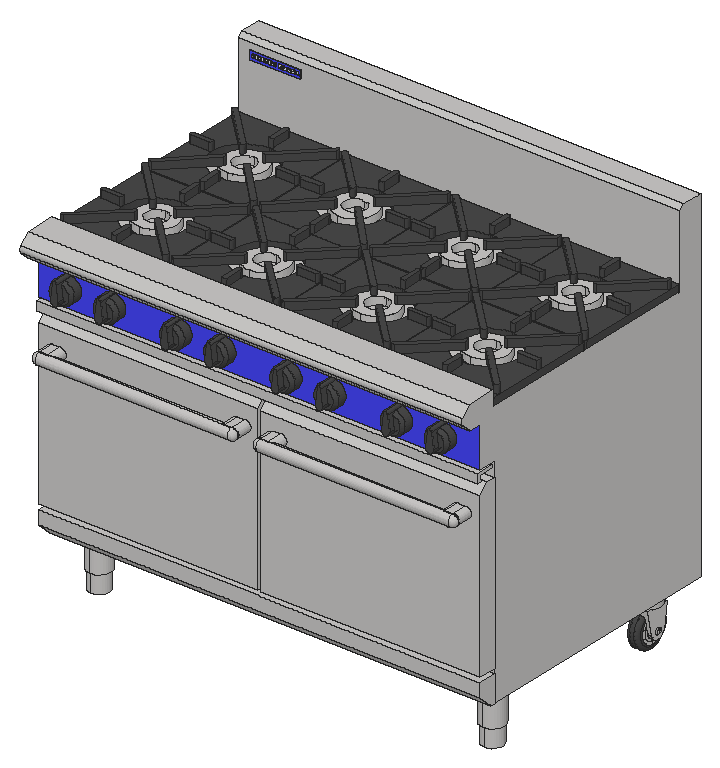
Revit family "QF_MOFFAT_BLUESEAL_CE_G528D", category Specialty Equipment, Revit 2012 (continued)
Definition of nested family "GAS BURNER 1200"
  Lines and regions (mm)
    symbolic lines
      curve 388: spline (1043.6, -261.898, 0) -> (1043.818, -260.604, 0) -> (1044.457, -259.398, 0) -> (1045.475, -258.362, 0) -> (1046.8, -257.568, 0) -> (1048.344, -257.068, 0) -> (1050, -256.898, 0) -> (1051.656, -257.068, 0) -> (1053.2, -257.568, 0) -> (1054.525, -258.362, 0) -> (1055.543, -259.398, 0) -> (1056.182, -260.604, 0) -> (1056.4, -261.898, 0)
      curve 389: line (1056.4, -261.898, 0) -> (1056.4, -311.102, 0)
      curve 390: spline (1056.4, -311.102, 0) -> (1056.182, -312.396, 0) -> (1055.543, -313.602, 0) -> (1054.525, -314.638, 0) -> (1053.2, -315.432, 0) -> (1051.656, -315.932, 0) -> (1050, -316.102, 0) -> (1048.344, -315.932, 0) -> (1046.8, -315.432, 0) -> (1045.475, -314.638, 0) -> (1044.457, -313.602, 0) -> (1043.818, -312.396, 0) -> (1043.6, -311.102, 0)
      curve 391: line (1043.6, -378.102, 0) -> (1043.6, -328.898, 0)
      curve 392: spline (1043.6, -328.898, 0) -> (1043.818, -327.604, 0) -> (1044.457, -326.398, 0) -> (1045.475, -325.362, 0) -> (1046.8, -324.568, 0) -> (1048.344, -324.068, 0) -> (1050, -323.898, 0) -> (1051.656, -324.068, 0) -> (1053.2, -324.568, 0) -> (1054.525, -325.362, 0) -> (1055.543, -326.398, 0) -> (1056.182, -327.604, 0) -> (1056.4, -328.898, 0)
      curve 393: line (1056.4, -328.898, 0) -> (1056.4, -378.102, 0)
      curve 394: spline (1056.4, -378.102, 0) -> (1056.182, -379.396, 0) -> (1055.543, -380.602, 0) -> (1054.525, -381.638, 0) -> (1053.2, -382.432, 0) -> (1051.656, -382.932, 0) -> (1050, -383.102, 0) -> (1048.344, -382.932, 0) -> (1046.8, -382.432, 0) -> (1045.475, -381.638, 0) -> (1044.457, -380.602, 0) -> (1043.818, -379.396, 0) -> (1043.6, -378.102, 0)
      curve 395: line (915.153, -326.102, 0) -> (1023.076, -434.025, 0)
      curve 396: spline (1023.076, -434.025, 0) -> (1023.837, -435.095, 0) -> (1024.238, -436.399, 0) -> (1024.251, -437.851, 0) -> (1023.875, -439.35, 0) -> (1023.137, -440.795, 0) -> (1022.086, -442.086, 0) -> (1020.795, -443.137, 0) -> (1019.35, -443.875, 0) -> (1017.851, -444.251, 0) -> (1016.399, -444.238, 0) -> (1015.095, -443.837, 0) -> (1014.025, -443.076, 0)
      curve 397: line (1014.025, -443.076, 0) -> (906.102, -335.153, 0)
      curve 398: spline (906.102, -335.153, 0) -> (905.341, -334.084, 0) -> (904.941, -332.779, 0) -> (904.928, -331.328, 0) -> (905.303, -329.829, 0) -> (906.041, -328.384, 0) -> (907.092, -327.092, 0) -> (908.384, -326.041, 0) -> (909.829, -325.303, 0) -> (911.328, -324.928, 0) -> (912.779, -324.941, 0) -> (914.084, -325.341, 0) -> (915.153, -326.102, 0)
      curve 399: line (1076.924, -434.025, 0) -> (1184.847, -326.102, 0)
      curve 400: spline (1184.847, -326.102, 0) -> (1186.076, -325.181, 0) -> (1187.53, -324.631, 0) -> (1189.11, -324.49, 0) -> (1190.708, -324.767, 0) -> (1192.214, -325.443, 0) -> (1193.527, -326.473, 0) -> (1194.557, -327.786, 0) -> (1195.233, -329.292, 0) -> (1195.51, -330.89, 0) -> (1195.369, -332.47, 0) -> (1194.819, -333.924, 0) -> (1193.898, -335.153, 0)
      curve 401: line (1193.898, -335.153, 0) -> (1085.975, -443.076, 0)
      curve 402: spline (1085.975, -443.076, 0) -> (1084.905, -443.837, 0) -> (1083.601, -444.238, 0) -> (1082.149, -444.251, 0) -> (1080.65, -443.875, 0) -> (1079.205, -443.137, 0) -> (1077.914, -442.086, 0) -> (1076.863, -440.795, 0) -> (1076.125, -439.35, 0) -> (1075.749, -437.851, 0) -> (1075.762, -436.399, 0) -> (1076.163, -435.095, 0) -> (1076.924, -434.025, 0)
      curve 403: line (1141.898, -463.6, 0) -> (1191.102, -463.6, 0)
      curve 404: spline (1191.102, -463.6, 0) -> (1192.396, -463.818, 0) -> (1193.602, -464.457, 0) -> (1194.638, -465.475, 0) -> (1195.432, -466.8, 0) -> (1195.932, -468.344, 0) -> (1196.102, -470, 0) -> (1195.932, -471.656, 0) -> (1195.432, -473.2, 0) -> (1194.638, -474.525, 0) -> (1193.602, -475.543, 0) -> (1192.396, -476.182, 0) -> (1191.102, -476.4, 0)
      curve 405: line (1191.102, -476.4, 0) -> (1141.898, -476.4, 0)
      curve 406: spline (1141.898, -476.4, 0) -> (1140.604, -476.182, 0) -> (1139.398, -475.543, 0) -> (1138.362, -474.525, 0) -> (1137.568, -473.2, 0) -> (1137.068, -471.656, 0) -> (1136.898, -470, 0) -> (1137.068, -468.344, 0) -> (1137.568, -466.8, 0) -> (1138.362, -465.475, 0) -> (1139.398, -464.457, 0) -> (1140.604, -463.818, 0) -> (1141.898, -463.6, 0)
      curve 407: line (1085.975, -496.924, 0) -> (1193.898, -603.347, 0)
      curve 408: spline (1193.898, -603.347, 0) -> (1194.659, -604.416, 0) -> (1195.059, -605.721, 0) -> (1195.072, -607.172, 0) -> (1194.697, -608.671, 0) -> (1193.959, -610.116, 0) -> (1192.908, -611.408, 0) -> (1191.616, -612.459, 0) -> (1190.171, -613.197, 0) -> (1188.672, -613.572, 0) -> (1187.221, -613.559, 0) -> (1185.916, -613.159, 0) -> (1184.847, -612.398, 0)
      curve 409: line (1184.847, -612.398, 0) -> (1076.924, -505.975, 0)
      curve 410: spline (1076.924, -505.975, 0) -> (1076.163, -504.905, 0) -> (1075.762, -503.601, 0) -> (1075.749, -502.149, 0) -> (1076.125, -500.65, 0) -> (1076.863, -499.205, 0) -> (1077.914, -497.914, 0) -> (1079.205, -496.863, 0) -> (1080.65, -496.125, 0) -> (1082.149, -495.749, 0) -> (1083.601, -495.762, 0) -> (1084.905, -496.163, 0) -> (1085.975, -496.924, 0)
      curve 411: line (1043.6, -609.602, 0) -> (1043.6, -561.898, 0)
      curve 412: spline (1043.6, -561.898, 0) -> (1043.818, -560.604, 0) -> (1044.457, -559.398, 0) -> (1045.475, -558.362, 0) -> (1046.8, -557.568, 0) -> (1048.344, -557.068, 0) -> (1050, -556.898, 0) -> (1051.656, -557.068, 0) -> (1053.2, -557.568, 0) -> (1054.525, -558.362, 0) -> (1055.543, -559.398, 0) -> (1056.182, -560.604, 0) -> (1056.4, -561.898, 0)
      curve 413: line (1056.4, -561.898, 0) -> (1056.4, -609.602, 0)
      curve 414: spline (1056.4, -609.602, 0) -> (1056.182, -610.896, 0) -> (1055.543, -612.102, 0) -> (1054.525, -613.138, 0) -> (1053.2, -613.932, 0) -> (1051.656, -614.432, 0) -> (1050, -614.602, 0) -> (1048.344, -614.432, 0) -> (1046.8, -613.932, 0) -> (1045.475, -613.138, 0) -> (1044.457, -612.102, 0) -> (1043.818, -610.896, 0) -> (1043.6, -609.602, 0)
      curve 415: line (1023.076, -505.975, 0) -> (915.153, -612.398, 0)
      curve 416: spline (915.153, -612.398, 0) -> (914.084, -613.159, 0) -> (912.779, -613.559, 0) -> (911.328, -613.572, 0) -> (909.829, -613.197, 0) -> (908.384, -612.459, 0) -> (907.092, -611.408, 0) -> (906.041, -610.116, 0) -> (905.303, -608.671, 0) -> (904.928, -607.172, 0) -> (904.941, -605.721, 0) -> (905.341, -604.416, 0) -> (906.102, -603.347, 0)
      curve 417: line (906.102, -603.347, 0) -> (1014.025, -496.924, 0)
      curve 418: spline (1014.025, -496.924, 0) -> (1015.095, -496.163, 0) -> (1016.399, -495.762, 0) -> (1017.851, -495.749, 0) -> (1019.35, -496.125, 0) -> (1020.795, -496.863, 0) -> (1022.086, -497.914, 0) -> (1023.137, -499.205, 0) -> (1023.875, -500.65, 0) -> (1024.251, -502.149, 0) -> (1024.238, -503.601, 0) -> (1023.837, -504.905, 0) -> (1023.076, -505.975, 0)
      curve 419: arc (1050.009, -384.418, 0) -> (1020.313, -389.836, 0) -> (994.444, -405.393, 0) r 84.082
      curve 420: arc (1050.009, -552.582, 0) -> (1078.827, -547.489, 0) -> (1104.155, -532.827, 0) r 84.082
      curve 421: arc (1050, -523.5, 0) -> (1032.334, -520.693, 0) -> (1016.408, -512.55, 0) r 57
      curve 422: arc (1050, -409.5, 0) -> (1069.986, -413.119, 0) -> (1087.434, -423.515, 0) r 57
      curve 423: arc (1050, -436.5, 0) -> (1020, -466.5, 0) -> (1050, -496.5, 0) r 30
      curve 424: arc (1050, -496.5, 0) -> (1080, -466.5, 0) -> (1050, -436.5, 0) r 30
      curve 425: line (908.898, -463.6, 0) -> (958.102, -463.6, 0)
      curve 426: spline (958.102, -463.6, 0) -> (959.396, -463.818, 0) -> (960.602, -464.457, 0) -> (961.638, -465.475, 0) -> (962.432, -466.8, 0) -> (962.932, -468.344, 0) -> (963.102, -470, 0) -> (962.932, -471.656, 0) -> (962.432, -473.2, 0) -> (961.638, -474.525, 0) -> (960.602, -475.543, 0) -> (959.396, -476.182, 0) -> (958.102, -476.4, 0)
      curve 427: line (958.102, -476.4, 0) -> (908.898, -476.4, 0)
      curve 428: spline (908.898, -476.4, 0) -> (907.604, -476.182, 0) -> (906.398, -475.543, 0) -> (905.362, -474.525, 0) -> (904.568, -473.2, 0) -> (904.068, -471.656, 0) -> (903.898, -470, 0) -> (904.068, -468.344, 0) -> (904.568, -466.8, 0) -> (905.362, -465.475, 0) -> (906.398, -464.457, 0) -> (907.604, -463.818, 0) -> (908.898, -463.6, 0)
      curve 429: spline (891.102, -463.6, 0) -> (892.396, -463.818, 0) -> (893.602, -464.457, 0) -> (894.638, -465.475, 0) -> (895.432, -466.8, 0) -> (895.932, -468.344, 0) -> (896.102, -470, 0) -> (895.932, -471.656, 0) -> (895.432, -473.2, 0) -> (894.638, -474.525, 0) -> (893.602, -475.543, 0) -> (892.396, -476.182, 0) -> (891.102, -476.4, 0)
      curve 430: arc (1103.676, -103.773, 0) -> (1078.534, -89.404, 0) -> (1050.009, -84.418, 0) r 84.082
      curve 431: arc (987.129, -112.68, 0) -> (965.934, -167.408, 0) -> (985.7, -222.668, 0) r 84.082
      curve 432: arc (1005.546, -202.178, 0) -> (993, -166.598, 0) -> (1005.424, -130.975, 0) r 57
      curve 433: arc (1085.372, -211.197, 0) -> (1068.725, -220.336, 0) -> (1050, -223.5, 0) r 57
      curve 434: arc (1094.576, -130.975, 0) -> (1107, -166.598, 0) -> (1094.454, -202.178, 0) r 57
      curve 435: arc (1012.566, -423.515, 0) -> (1030.014, -413.119, 0) -> (1050, -409.5, 0) r 57
      curve 436: arc (1096.089, -432.962, 0) -> (1106.947, -468.956, 0) -> (1093.031, -503.881, 0) r 57
      curve 437: arc (1090.268, -506.842, 0) -> (1089.386, -507.704, 0) -> (1088.484, -508.547, 0) r 57
      curve 438: arc (1006.969, -503.881, 0) -> (993.053, -468.956, 0) -> (1003.911, -432.962, 0) r 57
      curve 439: arc (985.509, -414.56, 0) -> (965.932, -469.429, 0) -> (986.717, -523.853, 0) r 84.082
      curve 440: arc (1105.564, -405.385, 0) -> (1079.699, -389.834, 0) -> (1050.009, -384.418, 0) r 84.082
      curve 441: arc (1113.293, -523.862, 0) -> (1134.086, -469.429, 0) -> (1114.501, -414.55, 0) r 84.082
      curve 442: arc (1083.592, -512.55, 0) -> (1067.666, -520.693, 0) -> (1050, -523.5, 0) r 57
      curve 443: arc (995.853, -532.819, 0) -> (1021.184, -547.487, 0) -> (1050.009, -552.582, 0) r 84.082
      curve 444: arc (1014.475, -121.924, 0) -> (1031.183, -112.696, 0) -> (1050, -109.5, 0) r 57
      curve 445: arc (994.669, -231.803, 0) -> (1020.453, -247.216, 0) -> (1050.009, -252.582, 0) r 84.082
      curve 446: arc (1114.31, -222.678, 0) -> (1134.084, -167.408, 0) -> (1112.881, -112.67, 0) r 84.082
  Dimensions and locks
    equal spacing: plane 3 "LEFT", plane 7 "Center Y", plane 4 "RIGHT"
    "Width": plane 3 "LEFT" to plane 4 "RIGHT"
    equal spacing: plane 5 "FRONT", plane 8 "Center X", plane 1 "BACK"
    "Depth": plane 5 "FRONT" to plane 1 "BACK"
    aligned and locked: level to plane 2
  Automatic sketch dimensions
    curve 29 to curve 30 = 0 mm  (x2)
    curve 29 to curve 33 = 0 mm  (x2)
    curve 29 to curve 34 = 0 mm  (x2)
    curve 29 to curve 189 = 0 mm  (x2)
    curve 29 to curve 190 = 0 mm  (x2)
    curve 29 to curve 191 = 0 mm  (x2)
    curve 29 to curve 192 = 0 mm  (x2)
    curve 30 to curve 33 = 0 mm  (x2)
    curve 30 to curve 34 = 0 mm  (x2)
    curve 30 to curve 189 = 0 mm  (x2)
    curve 30 to curve 190 = 0 mm  (x2)
    curve 30 to curve 191 = 0 mm  (x2)
    curve 30 to curve 192 = 0 mm  (x2)
    curve 31 to curve 32 = 0 mm  (x2)
    curve 31 to curve 212 = 0 mm  (x2)
    curve 31 to curve 213 = 0 mm  (x2)
    curve 31 to curve 214 = 0 mm  (x2)
    curve 31 to curve 215 = 0 mm  (x2)
    curve 32 to curve 212 = 0 mm  (x2)
    curve 32 to curve 213 = 0 mm  (x2)
    curve 32 to curve 214 = 0 mm  (x2)
    curve 32 to curve 215 = 0 mm  (x2)
    curve 33 to curve 34 = 0 mm  (x2)
    curve 33 to curve 189 = 0 mm  (x2)
    curve 33 to curve 190 = 0 mm  (x2)
    curve 33 to curve 191 = 0 mm  (x2)
    curve 33 to curve 192 = 0 mm  (x2)
    curve 34 to curve 189 = 0 mm  (x2)
    curve 34 to curve 190 = 0 mm  (x2)
    curve 34 to curve 191 = 0 mm  (x2)
    curve 34 to curve 192 = 0 mm  (x2)
    curve 35 to curve 36 = 0 mm  (x2)
    curve 35 to curve 103 = 0 mm  (x2)
    curve 35 to curve 104 = 0 mm  (x2)
    curve 35 to curve 187 = 0 mm  (x2)
    curve 35 to curve 188 = 0 mm  (x2)
    curve 35 to curve 193 = 0 mm  (x2)
    curve 35 to curve 211 = 0 mm  (x2)
    curve 36 to curve 103 = 0 mm  (x2)
    curve 36 to curve 104 = 0 mm  (x2)
    curve 36 to curve 187 = 0 mm  (x2)
    curve 36 to curve 188 = 0 mm  (x2)
    curve 36 to curve 193 = 0 mm  (x2)
    curve 36 to curve 211 = 0 mm  (x2)
    curve 37 to curve 38 = 0 mm  (x2)
    curve 37 to curve 185 = 0 mm  (x2)
    curve 37 to curve 186 = 0 mm  (x2)
    curve 37 to curve 216 = 0 mm  (x2)
    curve 37 to curve 217 = 0 mm  (x2)
    curve 38 to curve 185 = 0 mm  (x2)
    curve 38 to curve 186 = 0 mm  (x2)
    curve 38 to curve 216 = 0 mm  (x2)
    curve 38 to curve 217 = 0 mm  (x2)
    curve 103 to curve 104 = 0 mm  (x2)
    curve 103 to curve 187 = 0 mm  (x2)
    curve 103 to curve 188 = 0 mm  (x2)
    curve 103 to curve 193 = 0 mm  (x2)
    curve 103 to curve 211 = 0 mm  (x2)
    curve 104 to curve 187 = 0 mm  (x2)
    curve 104 to curve 188 = 0 mm  (x2)
    curve 104 to curve 193 = 0 mm  (x2)
    curve 104 to curve 211 = 0 mm  (x2)
    curve 137 to curve 138 = 0 mm  (x2)
    curve 137 to curve 204 = 0 mm  (x2)
    curve 137 to curve 205 = 0 mm  (x2)
    curve 137 to curve 206 = 0 mm  (x2)
    curve 137 to curve 208 = 0 mm  (x2)
    curve 138 to curve 204 = 0 mm  (x2)
    curve 138 to curve 205 = 0 mm  (x2)
    curve 138 to curve 206 = 0 mm  (x2)
    curve 138 to curve 208 = 0 mm  (x2)
    curve 139 to curve 140 = 0 mm  (x2)
    curve 139 to curve 141 = 0 mm  (x2)
    curve 139 to curve 142 = 0 mm  (x2)
    curve 139 to curve 200 = 0 mm  (x2)
    curve 139 to curve 201 = 0 mm  (x2)
    curve 139 to curve 202 = 0 mm  (x2)
    curve 139 to curve 203 = 0 mm  (x2)
    curve 139 to curve 207 = 0 mm  (x2)
    curve 140 to curve 141 = 0 mm  (x2)
    curve 140 to curve 142 = 0 mm  (x2)
    curve 140 to curve 200 = 0 mm  (x2)
    curve 140 to curve 201 = 0 mm  (x2)
    curve 140 to curve 202 = 0 mm  (x2)
    curve 140 to curve 203 = 0 mm  (x2)
    curve 140 to curve 207 = 0 mm  (x2)
    curve 141 to curve 142 = 0 mm  (x2)
    curve 141 to curve 200 = 0 mm  (x2)
    curve 141 to curve 201 = 0 mm  (x2)
    curve 141 to curve 202 = 0 mm  (x2)
    curve 141 to curve 203 = 0 mm  (x2)
    curve 141 to curve 207 = 0 mm  (x2)
    curve 142 to curve 200 = 0 mm  (x2)
    curve 142 to curve 201 = 0 mm  (x2)
    curve 142 to curve 202 = 0 mm  (x2)
    curve 142 to curve 203 = 0 mm  (x2)
    curve 142 to curve 207 = 0 mm  (x2)
    curve 179 to curve 180 = 0 mm  (x2)
    curve 179 to curve 194 = 0 mm  (x2)
    curve 179 to curve 195 = 0 mm  (x2)
    curve 179 to curve 209 = 0 mm  (x2)
    curve 179 to curve 210 = 0 mm  (x2)
    curve 180 to curve 194 = 0 mm  (x2)
    curve 180 to curve 195 = 0 mm  (x2)
    curve 180 to curve 209 = 0 mm  (x2)
    curve 180 to curve 210 = 0 mm  (x2)
    curve 181 to curve 182 = 0 mm  (x2)
    curve 181 to curve 183 = 0 mm  (x2)
    curve 181 to curve 184 = 0 mm  (x2)
    curve 181 to curve 196 = 0 mm  (x2)
    curve 181 to curve 197 = 0 mm  (x2)
    curve 181 to curve 198 = 0 mm  (x2)
    curve 181 to curve 199 = 0 mm  (x2)
    curve 182 to curve 183 = 0 mm  (x2)
    curve 182 to curve 184 = 0 mm  (x2)
    curve 182 to curve 196 = 0 mm  (x2)
    curve 182 to curve 197 = 0 mm  (x2)
    curve 182 to curve 198 = 0 mm  (x2)
    curve 182 to curve 199 = 0 mm  (x2)
    curve 183 to curve 184 = 0 mm  (x2)
    curve 183 to curve 196 = 0 mm  (x2)
    curve 183 to curve 197 = 0 mm  (x2)
    curve 183 to curve 198 = 0 mm  (x2)
    curve 183 to curve 199 = 0 mm  (x2)
    curve 184 to curve 196 = 0 mm  (x2)
    curve 184 to curve 197 = 0 mm  (x2)
    curve 184 to curve 198 = 0 mm  (x2)
    curve 184 to curve 199 = 0 mm  (x2)
    curve 185 to curve 186 = 0 mm  (x2)
    curve 185 to curve 216 = 0 mm  (x2)
    curve 185 to curve 217 = 0 mm  (x2)
    curve 186 to curve 216 = 0 mm  (x2)
    curve 186 to curve 217 = 0 mm  (x2)
    curve 187 to curve 188 = 0 mm  (x2)
    curve 187 to curve 193 = 0 mm  (x2)
    curve 187 to curve 211 = 0 mm  (x2)
    curve 188 to curve 193 = 0 mm  (x2)
    curve 188 to curve 211 = 0 mm  (x2)
    curve 189 to curve 190 = 0 mm  (x2)
    curve 189 to curve 191 = 0 mm  (x2)
    curve 189 to curve 192 = 0 mm  (x2)
    curve 190 to curve 191 = 0 mm  (x2)
    curve 190 to curve 192 = 0 mm  (x2)
    curve 191 to curve 192 = 0 mm  (x2)
    curve 193 to curve 211 = 0 mm  (x2)
    curve 194 to curve 195 = 0 mm  (x2)
    curve 194 to curve 209 = 0 mm  (x2)
    curve 194 to curve 210 = 0 mm  (x2)
    curve 195 to curve 209 = 0 mm  (x2)
    curve 195 to curve 210 = 0 mm  (x2)
    curve 196 to curve 197 = 0 mm  (x2)
    curve 196 to curve 198 = 0 mm  (x2)
    curve 196 to curve 199 = 0 mm  (x2)
    curve 197 to curve 198 = 0 mm  (x2)
    curve 197 to curve 199 = 0 mm  (x2)
    curve 198 to curve 199 = 0 mm  (x2)
    curve 200 to curve 201 = 0 mm  (x2)
    curve 200 to curve 202 = 0 mm  (x2)
    curve 200 to curve 203 = 0 mm  (x2)
    curve 200 to curve 207 = 0 mm  (x2)
    curve 201 to curve 202 = 0 mm  (x2)
    curve 201 to curve 203 = 0 mm  (x2)
    curve 201 to curve 207 = 0 mm  (x2)
    curve 202 to curve 203 = 0 mm  (x2)
    curve 202 to curve 207 = 0 mm  (x2)
    curve 203 to curve 207 = 0 mm  (x2)
    curve 204 to curve 205 = 0 mm  (x2)
    curve 204 to curve 206 = 0 mm  (x2)
    curve 204 to curve 208 = 0 mm  (x2)
    curve 205 to curve 206 = 0 mm  (x2)
    curve 205 to curve 208 = 0 mm  (x2)
    curve 206 to curve 208 = 0 mm  (x2)
    curve 209 to curve 210 = 0 mm  (x2)
    curve 212 to curve 213 = 0 mm  (x2)
    curve 212 to curve 214 = 0 mm  (x2)
    curve 212 to curve 215 = 0 mm  (x2)
    curve 213 to curve 214 = 0 mm  (x2)
    curve 213 to curve 215 = 0 mm  (x2)
    curve 214 to curve 215 = 0 mm  (x2)
    curve 216 to curve 217 = 0 mm  (x2)
    curve 220 to curve 221 = 0 mm  (x2)
    curve 220 to curve 247 = 0 mm  (x2)
    curve 220 to curve 248 = 0 mm  (x2)
    curve 220 to curve 284 = 0 mm  (x2)
    curve 220 to curve 285 = 0 mm  (x2)
    curve 220 to curve 286 = 0 mm  (x2)
    curve 220 to curve 296 = 0 mm  (x2)
    curve 221 to curve 247 = 0 mm  (x2)
    curve 221 to curve 248 = 0 mm  (x2)
    curve 221 to curve 284 = 0 mm  (x2)
    curve 221 to curve 285 = 0 mm  (x2)
    curve 221 to curve 286 = 0 mm  (x2)
    curve 221 to curve 296 = 0 mm  (x2)
    curve 222 to curve 223 = 0 mm  (x2)
    curve 222 to curve 282 = 0 mm  (x2)
    curve 222 to curve 283 = 0 mm  (x2)
    curve 222 to curve 297 = 0 mm  (x2)
    curve 222 to curve 298 = 0 mm  (x2)
    curve 223 to curve 282 = 0 mm  (x2)
    curve 223 to curve 283 = 0 mm  (x2)
    curve 223 to curve 297 = 0 mm  (x2)
    curve 223 to curve 298 = 0 mm  (x2)
    curve 231 to curve 307 = 0 mm  (x2)
    curve 233 to curve 305 = 0 mm  (x2)
    curve 247 to curve 248 = 0 mm  (x2)
    curve 247 to curve 284 = 0 mm  (x2)
    curve 247 to curve 285 = 0 mm  (x2)
    curve 247 to curve 286 = 0 mm  (x2)
    curve 247 to curve 296 = 0 mm  (x2)
    curve 248 to curve 284 = 0 mm  (x2)
    curve 248 to curve 285 = 0 mm  (x2)
    curve 248 to curve 286 = 0 mm  (x2)
    curve 248 to curve 296 = 0 mm  (x2)
    curve 275 to curve 276 = 0 mm  (x2)
    curve 275 to curve 291 = 0 mm  (x2)
    curve 275 to curve 292 = 0 mm  (x2)
    curve 275 to curve 293 = 0 mm  (x2)
    curve 275 to curve 295 = 0 mm  (x2)
    curve 276 to curve 291 = 0 mm  (x2)
    curve 276 to curve 292 = 0 mm  (x2)
    curve 276 to curve 293 = 0 mm  (x2)
    curve 276 to curve 295 = 0 mm  (x2)
    curve 277 to curve 278 = 0 mm  (x2)
    curve 277 to curve 279 = 0 mm  (x2)
    curve 277 to curve 280 = 0 mm  (x2)
    curve 277 to curve 287 = 0 mm  (x2)
    curve 277 to curve 288 = 0 mm  (x2)
    curve 277 to curve 289 = 0 mm  (x2)
    curve 277 to curve 290 = 0 mm  (x2)
    curve 277 to curve 294 = 0 mm  (x2)
    curve 278 to curve 279 = 0 mm  (x2)
    curve 278 to curve 280 = 0 mm  (x2)
    curve 278 to curve 287 = 0 mm  (x2)
    curve 278 to curve 288 = 0 mm  (x2)
    curve 278 to curve 289 = 0 mm  (x2)
    curve 278 to curve 290 = 0 mm  (x2)
    curve 278 to curve 294 = 0 mm  (x2)
    curve 279 to curve 280 = 0 mm  (x2)
    curve 279 to curve 287 = 0 mm  (x2)
    curve 279 to curve 288 = 0 mm  (x2)
    curve 279 to curve 289 = 0 mm  (x2)
    curve 279 to curve 290 = 0 mm  (x2)
    curve 279 to curve 294 = 0 mm  (x2)
    curve 280 to curve 287 = 0 mm  (x2)
    curve 280 to curve 288 = 0 mm  (x2)
    curve 280 to curve 289 = 0 mm  (x2)
    curve 280 to curve 290 = 0 mm  (x2)
    curve 280 to curve 294 = 0 mm  (x2)
    curve 282 to curve 283 = 0 mm  (x2)
    curve 282 to curve 297 = 0 mm  (x2)
    curve 282 to curve 298 = 0 mm  (x2)
    curve 283 to curve 297 = 0 mm  (x2)
    curve 283 to curve 298 = 0 mm  (x2)
    curve 284 to curve 285 = 0 mm  (x2)
    curve 284 to curve 286 = 0 mm  (x2)
    curve 284 to curve 296 = 0 mm  (x2)
    curve 285 to curve 286 = 0 mm  (x2)
    curve 285 to curve 296 = 0 mm  (x2)
    curve 286 to curve 296 = 0 mm  (x2)
    curve 287 to curve 288 = 0 mm  (x2)
    curve 287 to curve 289 = 0 mm  (x2)
    curve 287 to curve 290 = 0 mm  (x2)
    curve 287 to curve 294 = 0 mm  (x2)
    curve 288 to curve 289 = 0 mm  (x2)
    curve 288 to curve 290 = 0 mm  (x2)
    curve 288 to curve 294 = 0 mm  (x2)
    curve 289 to curve 290 = 0 mm  (x2)
    curve 289 to curve 294 = 0 mm  (x2)
    curve 290 to curve 294 = 0 mm  (x2)
    curve 291 to curve 292 = 0 mm  (x2)
    curve 291 to curve 293 = 0 mm  (x2)
    curve 291 to curve 295 = 0 mm  (x2)
    curve 292 to curve 293 = 0 mm  (x2)
    curve 292 to curve 295 = 0 mm  (x2)
    curve 293 to curve 295 = 0 mm  (x2)
    curve 297 to curve 298 = 0 mm  (x2)
    curve 338 to curve 339 = 0 mm  (x2)
    curve 338 to curve 385 = 0 mm  (x2)
    curve 338 to curve 386 = 0 mm  (x2)
    curve 338 to curve 432 = 0 mm  (x2)
    curve 338 to curve 433 = 0 mm  (x2)
    curve 338 to curve 434 = 0 mm  (x2)
    curve 338 to curve 444 = 0 mm  (x2)
    curve 339 to curve 385 = 0 mm  (x2)
    curve 339 to curve 386 = 0 mm  (x2)
    curve 339 to curve 432 = 0 mm  (x2)
    curve 339 to curve 433 = 0 mm  (x2)
    curve 339 to curve 434 = 0 mm  (x2)
    curve 339 to curve 444 = 0 mm  (x2)
    curve 340 to curve 341 = 0 mm  (x2)
    curve 340 to curve 430 = 0 mm  (x2)
    curve 340 to curve 431 = 0 mm  (x2)
    curve 340 to curve 445 = 0 mm  (x2)
    curve 340 to curve 446 = 0 mm  (x2)
    curve 341 to curve 430 = 0 mm  (x2)
    curve 341 to curve 431 = 0 mm  (x2)
    curve 341 to curve 445 = 0 mm  (x2)
    curve 341 to curve 446 = 0 mm  (x2)
    curve 385 to curve 386 = 0 mm  (x2)
    curve 385 to curve 432 = 0 mm  (x2)
    curve 385 to curve 433 = 0 mm  (x2)
    curve 385 to curve 434 = 0 mm  (x2)
    curve 385 to curve 444 = 0 mm  (x2)
    curve 386 to curve 432 = 0 mm  (x2)
    curve 386 to curve 433 = 0 mm  (x2)
    curve 386 to curve 434 = 0 mm  (x2)
    curve 386 to curve 444 = 0 mm  (x2)
    curve 419 to curve 420 = 0 mm  (x2)
    curve 419 to curve 439 = 0 mm  (x2)
    curve 419 to curve 440 = 0 mm  (x2)
    curve 419 to curve 441 = 0 mm  (x2)
    curve 419 to curve 443 = 0 mm  (x2)
    curve 420 to curve 439 = 0 mm  (x2)
    curve 420 to curve 440 = 0 mm  (x2)
    curve 420 to curve 441 = 0 mm  (x2)
    curve 420 to curve 443 = 0 mm  (x2)
    curve 421 to curve 422 = 0 mm  (x2)
    curve 421 to curve 423 = 0 mm  (x2)
    curve 421 to curve 424 = 0 mm  (x2)
    curve 421 to curve 435 = 0 mm  (x2)
    curve 421 to curve 436 = 0 mm  (x2)
    curve 421 to curve 437 = 0 mm  (x2)
    curve 421 to curve 438 = 0 mm  (x2)
    curve 421 to curve 442 = 0 mm  (x2)
    curve 422 to curve 423 = 0 mm  (x2)
    curve 422 to curve 424 = 0 mm  (x2)
    curve 422 to curve 435 = 0 mm  (x2)
    curve 422 to curve 436 = 0 mm  (x2)
    curve 422 to curve 437 = 0 mm  (x2)
    curve 422 to curve 438 = 0 mm  (x2)
    curve 422 to curve 442 = 0 mm  (x2)
    curve 423 to curve 424 = 0 mm  (x2)
    curve 423 to curve 435 = 0 mm  (x2)
    curve 423 to curve 436 = 0 mm  (x2)
    curve 423 to curve 437 = 0 mm  (x2)
    curve 423 to curve 438 = 0 mm  (x2)
    curve 423 to curve 442 = 0 mm  (x2)
    curve 424 to curve 435 = 0 mm  (x2)
    curve 424 to curve 436 = 0 mm  (x2)
    curve 424 to curve 437 = 0 mm  (x2)
    curve 424 to curve 438 = 0 mm  (x2)
    curve 424 to curve 442 = 0 mm  (x2)
    curve 430 to curve 431 = 0 mm  (x2)
    curve 430 to curve 445 = 0 mm  (x2)
    curve 430 to curve 446 = 0 mm  (x2)
    curve 431 to curve 445 = 0 mm  (x2)
    curve 431 to curve 446 = 0 mm  (x2)
    curve 432 to curve 433 = 0 mm  (x2)
    curve 432 to curve 434 = 0 mm  (x2)
    curve 432 to curve 444 = 0 mm  (x2)
    curve 433 to curve 434 = 0 mm  (x2)
    curve 433 to curve 444 = 0 mm  (x2)
    curve 434 to curve 444 = 0 mm  (x2)
    curve 435 to curve 436 = 0 mm  (x2)
    curve 435 to curve 437 = 0 mm  (x2)
    curve 435 to curve 438 = 0 mm  (x2)
    curve 435 to curve 442 = 0 mm  (x2)
    curve 436 to curve 437 = 0 mm  (x2)
    curve 436 to curve 438 = 0 mm  (x2)
    curve 436 to curve 442 = 0 mm  (x2)
    curve 437 to curve 438 = 0 mm  (x2)
    curve 437 to curve 442 = 0 mm  (x2)
    curve 438 to curve 442 = 0 mm  (x2)
    curve 439 to curve 440 = 0 mm  (x2)
    curve 439 to curve 441 = 0 mm  (x2)
    curve 439 to curve 443 = 0 mm  (x2)
    curve 440 to curve 441 = 0 mm  (x2)
    curve 440 to curve 443 = 0 mm  (x2)
    curve 441 to curve 443 = 0 mm  (x2)
    curve 445 to curve 446 = 0 mm  (x2)
    plane 5 "FRONT" to curve 74 = 0 mm
    plane 1 "BACK" to curve 64 = 0 mm
    plane 5 "FRONT" to curve 82 = 0 mm
    plane 1 "BACK" to curve 56 = 0 mm
    plane 1 "BACK" to curve 322 = 0 mm
    plane 5 "FRONT" to curve 303 = 0 mm
    plane 1 "BACK" to curve 350 = 0 mm
    plane 5 "FRONT" to curve 362 = 0 mm
    plane 3 "LEFT" to curve 64 = 1 mm
    plane 3 "LEFT" to curve 74 = 1 mm
    curve 67 to plane 8 "Center X" = 1 mm
    plane 3 "LEFT" to curve 67 = 4 mm
    curve 72 to curve 66 = 0 mm
    plane 3 "LEFT" to curve 74 = 4 mm
    plane 3 "LEFT" to curve 64 = 4 mm
    plane 3 "LEFT" to curve 118 = 6.102 mm
    plane 3 "LEFT" to curve 102 = 6.102 mm
    plane 3 "LEFT" to curve 125 = 6.102 mm
    plane 3 "LEFT" to curve 94 = 6.102 mm
    plane 3 "LEFT" to curve 122 = 8.898 mm
    plane 3 "LEFT" to curve 95 = 8.898 mm
    curve 94 to curve 94 = 4.525 mm
    curve 102 to curve 102 = 4.525 mm
    curve 125 to curve 126 = 4.525 mm
    curve 118 to curve 118 = 4.525 mm
    curve 121 to curve 121 = 49.204 mm
    curve 97 to curve 96 = 49.204 mm
    curve 124 to curve 206 = 27.397 mm
    curve 96 to curve 217 = 27.588 mm
    curve 123 to curve 206 = 28.605 mm
    curve 97 to curve 217 = 29.017 mm
    curve 206 to curve 205 = 8.937 mm
    curve 217 to curve 38 = 8.97 mm
    curve 206 to curve 138 = 9.138 mm
    curve 217 to curve 185 = 9.204 mm
    curve 206 to curve 201 = 18.412 mm
    curve 217 to curve 193 = 18.305 mm
    curve 217 to curve 193 = 19.856 mm
    curve 206 to curve 201 = 20.262 mm
    curve 201 to curve 202 = 2.762 mm
    curve 202 to curve 202 = 1.784 mm
    curve 201 to curve 140 = 8.655 mm
    curve 193 to curve 92 = 8.479 mm
    curve 193 to curve 100 = 8.601 mm
    curve 201 to curve 119 = 10.114 mm
    curve 201 to curve 128 = 7.056 mm
    curve 193 to curve 36 = 9.051 mm
    curve 193 to curve 188 = 9.081 mm
    curve 202 to curve 207 = 4.893 mm
    curve 92 to curve 92 = 4.525 mm
    curve 120 to curve 120 = 4.525 mm
    curve 128 to curve 128 = 4.525 mm
    curve 100 to curve 100 = 4.525 mm
    curve 110 to plane 8 "Center X" = 11.398 mm
    curve 205 to curve 110 = 49.164 mm
    curve 108 to curve 111 = 0 mm
    plane 1 "BACK" to curve 40 = 25.398 mm
    curve 185 to curve 40 = 47.276 mm
    curve 138 to curve 130 = 47.755 mm
    curve 41 to curve 185 = 6.391 mm
    curve 120 to curve 204 = 31.44 mm
    curve 37 to curve 104 = 0.009 mm
    curve 40 to curve 40 = 6.4 mm
    curve 107 to curve 106 = 6.4 mm
    curve 131 to curve 130 = 6.4 mm
    curve 137 to curve 207 = 0.009 mm
    curve 111 to curve 110 = 6.4 mm
    curve 103 to curve 89 = 26.924 mm
    curve 103 to curve 2 = 26.924 mm
    curve 141 to curve 133 = 26.924 mm
    curve 141 to curve 113 = 26.924 mm
    curve 1 to curve 2 = 4.525 mm
    curve 88 to curve 88 = 4.525 mm
    curve 114 to curve 114 = 4.525 mm
    curve 133 to curve 136 = 4.525 mm
    curve 136 to curve 139 = 6.668 mm
    curve 89 to curve 35 = 8.448 mm
    curve 2 to curve 211 = 8.601 mm
    curve 114 to curve 200 = 10.51 mm
    curve 135 to curve 203 = 7.056 mm
    curve 88 to curve 187 = 8.479 mm
    curve 2 to curve 187 = 8.601 mm
    curve 200 to curve 203 = 8.655 mm
    curve 211 to curve 37 = 18.144 mm
    curve 139 to curve 208 = 20.555 mm
    curve 35 to curve 216 = 19.959 mm
    curve 200 to curve 137 = 18.122 mm
    curve 37 to curve 186 = 9.203 mm
    curve 208 to curve 204 = 9.136 mm
    curve 216 to curve 186 = 8.969 mm
    curve 137 to curve 204 = 8.936 mm
    curve 187 to curve 6 = 47.322 mm
    curve 204 to curve 145 = 28.615 mm
    curve 134 to plane 5 "FRONT" = 22.602 mm
    curve 208 to curve 134 = 80.7 mm
    plane 8 "Center X" to curve 90 = 3.602 mm
    curve 216 to curve 90 = 79.516 mm
    curve 113 to plane 8 "Center X" = 8.602 mm
    curve 113 to curve 90 = 0 mm
    plane 1 "BACK" to curve 4 = 22.602 mm
    curve 37 to curve 4 = 81.178 mm
    curve 1 to curve 4 = 4.525 mm
    curve 133 to curve 134 = 4.525 mm
    curve 5 to curve 8 = 49.204 mm
    curve 145 to curve 146 = 49.204 mm
    curve 71 to plane 8 "Center X" = 4 mm
    curve 116 to curve 71 = 6.628 mm
    curve 4 to curve 63 = 11.153 mm
    curve 67 to curve 71 = 0 mm
    curve 76 to plane 5 "FRONT" = 3 mm
    curve 133 to curve 76 = 11.153 mm
    curve 70 to curve 69 = 3 mm
    curve 69 to curve 57 = 2 mm
    curve 76 to curve 82 = 2 mm
    curve 80 to curve 80 = 3 mm
    curve 58 to plane 8 "Center X" = 1 mm
    curve 58 to curve 79 = 0 mm
    curve 81 to curve 82 = 3 mm
    curve 57 to curve 56 = 3 mm
    plane 1 "BACK" to curve 9 = 31.653 mm
    curve 3 to curve 9 = 12.205 mm
    curve 149 to plane 8 "Center X" = 17.653 mm
    curve 80 to curve 149 = 2.102 mm
    plane 8 "Center X" to curve 47 = 12.653 mm
    curve 58 to curve 47 = 2.102 mm
    curve 134 to curve 170 = 12.205 mm
    curve 7 to curve 44 = 17.796 mm
    curve 146 to curve 174 = 17.796 mm
    curve 170 to curve 170 = 4.525 mm
    curve 47 to curve 48 = 4.525 mm
    curve 9 to curve 12 = 4.525 mm
    curve 148 to curve 148 = 4.525 mm
    curve 44 to curve 43 = 49.204 mm
    curve 174 to curve 172 = 49.204 mm
    curve 173 to curve 210 = 27.407 mm
    curve 46 to curve 215 = 27.598 mm
    curve 46 to curve 215 = 29.027 mm
    curve 171 to curve 210 = 32.533 mm
    curve 210 to curve 209 = 8.936 mm
    curve 215 to curve 32 = 8.969 mm
    curve 215 to curve 212 = 9.203 mm
    curve 210 to curve 198 = 18.402 mm
    curve 215 to curve 189 = 18.296 mm
    curve 215 to curve 189 = 19.847 mm
    curve 180 to curve 198 = 16.335 mm
    curve 198 to curve 182 = 8.655 mm
    curve 189 to curve 50 = 8.479 mm
    curve 198 to curve 168 = 7.056 mm
    curve 189 to curve 9 = 8.601 mm
    curve 198 to curve 150 = 10.114 mm
    curve 189 to curve 30 = 9.051 mm
    curve 189 to curve 192 = 9.081 mm
    curve 198 to curve 197 = 9.439 mm
    curve 9 to curve 10 = 4.525 mm
    curve 50 to curve 50 = 4.525 mm
    curve 169 to curve 168 = 4.525 mm
    curve 149 to curve 150 = 4.525 mm
    curve 168 to curve 168 = 4.525 mm
    plane 1 "BACK" to curve 16 = 25.398 mm
    curve 212 to curve 16 = 47.268 mm
    plane 8 "Center X" to curve 53 = 6.398 mm
    curve 32 to curve 53 = 48.931 mm
    curve 151 to curve 53 = 0 mm
    curve 197 to curve 176 = 27.192 mm
    curve 168 to curve 183 = 26.924 mm
    curve 151 to curve 154 = 6.4 mm
    curve 13 to curve 14 = 6.4 mm
    curve 178 to curve 178 = 6.4 mm
    curve 10 to curve 189 = 31.449 mm
    curve 52 to curve 52 = 6.4 mm
    curve 29 to curve 212 = 0.009 mm
    curve 181 to curve 210 = 0.009 mm
    curve 33 to curve 17 = 26.924 mm
    curve 183 to curve 155 = 26.924 mm
    curve 183 to curve 165 = 26.924 mm
    curve 33 to curve 27 = 26.924 mm
    curve 156 to curve 156 = 4.525 mm
    curve 18 to curve 18 = 4.525 mm
    curve 165 to curve 164 = 4.525 mm
    curve 26 to curve 26 = 4.525 mm
    curve 164 to curve 181 = 6.668 mm
    curve 27 to curve 29 = 8.448 mm
    curve 17 to curve 190 = 8.601 mm
    curve 156 to curve 199 = 10.51 mm
    curve 164 to curve 196 = 7.056 mm
    curve 26 to curve 191 = 8.479 mm
    curve 18 to curve 191 = 8.601 mm
    curve 199 to curve 196 = 8.655 mm
    curve 190 to curve 31 = 18.152 mm
    curve 181 to curve 195 = 20.563 mm
    curve 29 to curve 214 = 19.967 mm
    curve 199 to curve 179 = 18.13 mm
    curve 31 to curve 213 = 9.204 mm
    curve 195 to curve 194 = 9.138 mm
    curve 214 to curve 213 = 8.97 mm
    curve 179 to curve 194 = 8.937 mm
    curve 194 to curve 160 = 28.605 mm
    curve 191 to curve 22 = 47.322 mm
    curve 158 to plane 8 "Center X" = 8.602 mm
    curve 179 to curve 158 = 79.283 mm
    curve 166 to plane 7 "Center Y" = 15.153 mm
    curve 17 to plane 7 "Center Y" = 15.153 mm
    plane 8 "Center X" to curve 27 = 3.602 mm
    curve 27 to curve 158 = 0 mm
    curve 155 to curve 158 = 4.525 mm
    curve 28 to curve 28 = 4.525 mm
    curve 166 to curve 166 = 4.525 mm
    curve 21 to plane 7 "Center Y" = 8.898 mm
    curve 161 to plane 7 "Center Y" = 8.898 mm
    curve 62 to plane 7 "Center Y" = 4 mm
    curve 79 to plane 7 "Center Y" = 4 mm
    curve 83 to plane 7 "Center Y" = 4 mm
    curve 60 to curve 86 = 0 mm
    curve 61 to plane 7 "Center Y" = 1 mm
    curve 84 to plane 7 "Center Y" = 1 mm
    plane 7 "Center Y" to curve 309 = 2 mm
    plane 7 "Center Y" to curve 320 = 2 mm
    curve 321 to curve 322 = 3 mm
    curve 320 to plane 8 "Center X" = 1 mm
    curve 320 to curve 320 = 3 mm
    curve 302 to curve 303 = 3 mm
    curve 308 to curve 319 = 0 mm
    plane 7 "Center Y" to curve 317 = 7.102 mm
    plane 7 "Center Y" to curve 301 = 7.102 mm
    plane 7 "Center Y" to curve 328 = 7.102 mm
    plane 7 "Center Y" to curve 315 = 7.102 mm
    plane 7 "Center Y" to curve 312 = 9.898 mm
    plane 7 "Center Y" to curve 325 = 9.898 mm
    curve 318 to curve 317 = 4.525 mm
    curve 315 to curve 315 = 4.525 mm
    curve 300 to curve 301 = 4.525 mm
    curve 326 to curve 328 = 4.525 mm
    curve 323 to curve 219 = 49.204 mm
    curve 312 to curve 281 = 49.204 mm
    curve 311 to curve 291 = 27.407 mm
    curve 219 to curve 283 = 27.598 mm
    curve 281 to curve 291 = 28.615 mm
    curve 219 to curve 283 = 29.027 mm
    curve 291 to curve 275 = 8.936 mm
    curve 283 to curve 297 = 8.969 mm
    curve 291 to curve 295 = 9.136 mm
    curve 283 to curve 222 = 9.203 mm
    curve 291 to curve 290 = 18.402 mm
    curve 283 to curve 284 = 18.296 mm
    curve 283 to curve 284 = 19.847 mm
    curve 291 to curve 290 = 20.253 mm
    curve 290 to curve 287 = 8.655 mm
    curve 284 to curve 234 = 8.479 mm
    curve 290 to curve 257 = 10.114 mm
    curve 290 to curve 300 = 7.056 mm
    curve 284 to curve 326 = 8.601 mm
    curve 284 to curve 296 = 9.051 mm
    curve 284 to curve 220 = 9.081 mm
    curve 290 to curve 277 = 9.439 mm
    curve 313 to curve 257 = 4.525 mm
    curve 274 to curve 274 = 4.525 mm
    curve 318 to curve 234 = 4.525 mm
    curve 326 to curve 218 = 4.525 mm
    curve 295 to curve 271 = 47.747 mm
    curve 253 to plane 8 "Center X" = 11.398 mm
    curve 275 to curve 253 = 49.156 mm
    curve 249 to curve 254 = 0 mm
    curve 222 to curve 227 = 47.268 mm
    curve 234 to curve 296 = 31.449 mm
    curve 224 to curve 225 = 6.4 mm
    curve 249 to curve 250 = 6.4 mm
    curve 274 to curve 294 = 26.924 mm
    curve 256 to curve 256 = 6.4 mm
    curve 273 to curve 273 = 6.4 mm
    curve 220 to curve 282 = 0.009 mm
    curve 277 to curve 291 = 0.009 mm
    curve 279 to curve 261 = 26.924 mm
    curve 280 to curve 268 = 26.924 mm
    curve 247 to curve 245 = 26.924 mm
    curve 248 to curve 235 = 26.924 mm
    curve 244 to curve 244 = 4.525 mm
    curve 261 to curve 261 = 4.525 mm
    curve 236 to curve 236 = 4.525 mm
    curve 268 to curve 269 = 4.525 mm
    curve 268 to curve 294 = 6.668 mm
    curve 236 to curve 285 = 8.448 mm
    curve 245 to curve 221 = 8.601 mm
    curve 261 to curve 278 = 10.51 mm
    curve 294 to curve 289 = 4.893 mm
    curve 289 to curve 289 = 1.784 mm
    curve 289 to curve 288 = 2.762 mm
    curve 236 to curve 286 = 8.479 mm
    curve 244 to curve 286 = 8.601 mm
    curve 278 to curve 288 = 8.655 mm
    curve 221 to curve 282 = 18.152 mm
    curve 294 to curve 276 = 20.563 mm
    curve 285 to curve 223 = 19.967 mm
    curve 278 to curve 292 = 18.13 mm
    curve 282 to curve 298 = 9.204 mm
    curve 276 to curve 293 = 9.138 mm
    curve 223 to curve 298 = 8.97 mm
    curve 292 to curve 293 = 8.937 mm
    curve 288 to curve 265 = 45.809 mm
    curve 286 to curve 240 = 47.322 mm
    plane 1 "BACK" to curve 245 = 22.602 mm
    curve 282 to curve 245 = 81.17 mm
    curve 258 to plane 8 "Center X" = 8.602 mm
    curve 292 to curve 258 = 79.283 mm
    curve 267 to plane 5 "FRONT" = 22.602 mm
    curve 276 to curve 267 = 80.692 mm
    plane 8 "Center X" to curve 235 = 3.602 mm
    curve 235 to curve 259 = 0 mm
    curve 238 to curve 238 = 4.525 mm
    curve 258 to curve 259 = 4.525 mm
    curve 265 to curve 429 = 48.204 mm
    curve 240 to curve 346 = 48.204 mm
    curve 346 to curve 241 = 1 mm
    curve 429 to curve 264 = 1 mm
    curve 368 to plane 5 "FRONT" = 3 mm
    curve 268 to curve 368 = 10.153 mm
    curve 366 to curve 366 = 3 mm
    plane 1 "BACK" to curve 347 = 3 mm
    curve 246 to curve 347 = 10.153 mm
    curve 349 to curve 366 = 0 mm
    curve 368 to curve 233 = 1 mm
    curve 347 to curve 228 = 1 mm  (x2)
    curve 349 to curve 319 = 1 mm
    curve 366 to curve 231 = 1 mm
    curve 367 to curve 307 = 1 mm
    curve 231 to curve 365 = 1 mm
    curve 228 to curve 357 = 1 mm
    curve 356 to curve 350 = 3 mm
    curve 363 to curve 362 = 3 mm
    curve 355 to curve 355 = 3 mm
    curve 358 to curve 354 = 0 mm
    curve 417 to plane 5 "FRONT" = 31.653 mm
    curve 267 to curve 417 = 11.205 mm
    plane 1 "BACK" to curve 332 = 31.653 mm
    curve 246 to curve 332 = 11.205 mm
    plane 8 "Center X" to curve 369 = 12.653 mm
    curve 355 to curve 369 = 2.102 mm
    curve 365 to curve 398 = 2.102 mm
    curve 242 to curve 337 = 16.796 mm
    curve 263 to curve 428 = 16.796 mm
    curve 372 to curve 372 = 4.525 mm
    curve 332 to curve 333 = 4.525 mm
    curve 398 to curve 398 = 4.525 mm
    curve 417 to curve 416 = 4.525 mm
    curve 337 to curve 335 = 49.204 mm
    curve 428 to curve 427 = 49.204 mm
    curve 426 to curve 439 = 27.407 mm
    curve 335 to curve 431 = 27.598 mm
    curve 427 to curve 439 = 28.615 mm
    curve 335 to curve 431 = 29.027 mm
    curve 439 to curve 419 = 8.936 mm
    curve 431 to curve 445 = 8.969 mm
    curve 439 to curve 443 = 9.136 mm
    curve 431 to curve 340 = 9.203 mm
    curve 439 to curve 438 = 18.402 mm
    curve 431 to curve 432 = 18.296 mm
    curve 431 to curve 432 = 19.847 mm
    curve 439 to curve 438 = 20.253 mm
    curve 438 to curve 435 = 8.655 mm
    curve 432 to curve 331 = 8.601 mm
    curve 438 to curve 417 = 7.056 mm
    curve 438 to curve 397 = 10.114 mm
    curve 432 to curve 369 = 8.479 mm
    curve 432 to curve 444 = 9.051 mm
    curve 432 to curve 338 = 9.081 mm
    curve 438 to curve 421 = 9.439 mm
    curve 418 to curve 418 = 4.525 mm
    curve 370 to curve 370 = 4.525 mm
    curve 331 to curve 331 = 4.525 mm
    curve 397 to curve 396 = 4.525 mm
    curve 443 to curve 411 = 47.747 mm
    curve 392 to plane 8 "Center X" = 11.398 mm
    curve 419 to curve 392 = 49.156 mm
    curve 390 to curve 392 = 0 mm
    curve 340 to curve 342 = 47.268 mm
    curve 371 to curve 338 = 26.924 mm
    curve 342 to curve 345 = 6.4 mm
    curve 396 to curve 424 = 26.924 mm
    curve 387 to curve 388 = 6.4 mm
    curve 411 to curve 414 = 6.4 mm
    curve 391 to curve 392 = 6.4 mm
    curve 338 to curve 340 = 0.009 mm
    curve 421 to curve 439 = 0.009 mm
    curve 386 to curve 374 = 26.924 mm
    curve 424 to curve 410 = 26.924 mm
    curve 424 to curve 399 = 26.924 mm
    curve 386 to curve 382 = 26.924 mm
    curve 402 to curve 402 = 4.525 mm
    curve 382 to curve 382 = 4.525 mm
    curve 374 to curve 374 = 4.525 mm
    curve 409 to curve 410 = 4.525 mm
    curve 409 to curve 442 = 6.668 mm
    curve 374 to curve 433 = 8.448 mm
    curve 382 to curve 339 = 8.601 mm
    curve 399 to curve 422 = 10.51 mm
    curve 442 to curve 437 = 4.893 mm
    curve 437 to curve 437 = 1.784 mm
    curve 437 to curve 436 = 2.762 mm
    curve 374 to curve 434 = 8.479 mm
    curve 382 to curve 434 = 8.601 mm
    curve 422 to curve 436 = 8.655 mm
    curve 339 to curve 430 = 18.152 mm
    curve 442 to curve 420 = 20.563 mm
    curve 433 to curve 341 = 19.967 mm
    curve 422 to curve 440 = 18.13 mm
    curve 430 to curve 446 = 9.204 mm
    curve 420 to curve 441 = 9.138 mm
    curve 341 to curve 446 = 8.97 mm
    curve 440 to curve 441 = 8.937 mm
    curve 441 to curve 405 = 28.605 mm
    curve 434 to curve 379 = 47.322 mm
    plane 4 "RIGHT" to curve 384 = 15.153 mm
    plane 4 "RIGHT" to curve 409 = 15.153 mm
    plane 8 "Center X" to curve 376 = 3.602 mm
    curve 341 to curve 376 = 79.508 mm
    curve 400 to plane 8 "Center X" = 8.602 mm
    curve 400 to curve 373 = 0 mm
    curve 384 to curve 384 = 4.525 mm
    curve 408 to curve 408 = 4.525 mm
    plane 4 "RIGHT" to curve 379 = 8.898 mm
    plane 4 "RIGHT" to curve 403 = 8.898 mm
    plane 4 "RIGHT" to curve 359 = 4 mm
    plane 4 "RIGHT" to curve 361 = 4 mm
    plane 4 "RIGHT" to curve 350 = 4 mm
    curve 354 to plane 8 "Center X" = 1 mm
    curve 354 to curve 359 = 0 mm
    plane 4 "RIGHT" to curve 352 = 1 mm
    plane 4 "RIGHT" to curve 360 = 1 mm
    curve 361 to curve 409 = 19.602 mm
    curve 303 to curve 301 = 19.602 mm
    curve 84 to curve 165 = 19.602 mm
    curve 74 to curve 127 = 19.602 mm
    curve 414 to plane 5 "FRONT" = 25.398 mm
    curve 175 to plane 5 "FRONT" = 25.398 mm
    curve 270 to plane 5 "FRONT" = 25.398 mm
    curve 129 to plane 5 "FRONT" = 25.398 mm
    curve 412 to curve 420 = 9.316 mm
    curve 129 to curve 208 = 9.316 mm
    curve 176 to curve 195 = 9.316 mm
    curve 270 to curve 295 = 9.316 mm
    curve 442 to curve 437 = 4.003 mm
    curve 294 to curve 289 = 4.003 mm
    curve 207 to curve 202 = 4.003 mm
    curve 181 to curve 184 = 27 mm
    curve 277 to curve 280 = 27 mm
    curve 421 to curve 424 = 27 mm
    curve 139 to curve 141 = 27 mm
    curve 204 to curve 144 = 47.453 mm
    curve 198 to curve 172 = 27.481 mm
    curve 293 to curve 263 = 47.462 mm
    curve 441 to curve 406 = 47.462 mm
    curve 291 to curve 312 = 47.453 mm
    curve 263 to curve 427 = 0 mm
    curve 206 to curve 124 = 47.462 mm
    curve 194 to curve 160 = 47.462 mm
    curve 144 to curve 144 = 6.4 mm
    curve 263 to curve 263 = 6.4 mm
    curve 405 to curve 406 = 6.4 mm
    curve 426 to curve 426 = 6.4 mm
    curve 171 to curve 174 = 6.4 mm
    curve 310 to curve 312 = 6.4 mm
    curve 161 to curve 162 = 6.4 mm
    curve 122 to curve 122 = 6.4 mm
    curve 209 to curve 152 = 6.316 mm
    curve 275 to curve 255 = 6.316 mm
    curve 419 to curve 391 = 6.316 mm
    curve 137 to curve 109 = 6.316 mm
    curve 151 to plane 8 "Center X" = 11.398 mm
    curve 359 to curve 353 = 6 mm
    curve 77 to curve 80 = 0 mm
    curve 231 to curve 365 = 0 mm
    curve 66 to curve 91 = 1.602 mm
    plane 8 "Center X" to curve 108 = 6.398 mm
    plane 8 "Center X" to curve 387 = 6.398 mm
    plane 8 "Center X" to curve 249 = 6.398 mm
    curve 316 to curve 317 = 4.525 mm  (x2)
    curve 320 to curve 317 = 10.653 mm
    curve 250 to curve 297 = 9.316 mm
    curve 388 to curve 445 = 9.316 mm
    curve 52 to curve 214 = 9.316 mm
    curve 105 to curve 216 = 9.316 mm
    curve 29 to curve 33 = 27 mm
    curve 220 to curve 247 = 27 mm
    curve 35 to curve 103 = 27 mm
    curve 338 to curve 385 = 27 mm
    curve 298 to curve 242 = 49.778 mm
    curve 187 to curve 6 = 29.278 mm
    curve 217 to curve 98 = 49.778 mm
    curve 283 to curve 325 = 49.768 mm
    curve 432 to curve 335 = 29.278 mm
    curve 189 to curve 46 = 29.278 mm
    curve 24 to curve 323 = 0 mm
    curve 446 to curve 377 = 49.778 mm
    curve 377 to curve 378 = 6.4 mm
    curve 7 to curve 8 = 6.4 mm
    curve 335 to curve 335 = 6.4 mm
    curve 239 to curve 242 = 6.4 mm
    curve 95 to curve 98 = 6.4 mm
    curve 323 to curve 325 = 6.4 mm
    curve 24 to curve 24 = 6.4 mm
    curve 45 to curve 44 = 6.4 mm
    curve 340 to curve 344 = 9.816 mm
    curve 31 to curve 14 = 9.816 mm
    curve 37 to curve 39 = 9.816 mm
    curve 222 to curve 227 = 9.816 mm
    plane 1 "BACK" to curve 224 = 25.398 mm
    plane 1 "BACK" to curve 343 = 25.398 mm
    plane 1 "BACK" to Extrusion 1 sketch curve = 0 mm
    plane 5 "FRONT" to Extrusion 1 sketch curve = 0 mm
    plane 3 "LEFT" to Extrusion 1 sketch curve = 1 mm  (x2)
    plane 1 "BACK" to Extrusion 1 sketch curve = 3 mm  (x2)
    plane 8 "Center X" to Extrusion 1 sketch curve = 149 mm
    plane 8 "Center X" to Extrusion 1 sketch curve = 2 mm  (x2)
    Extrusion 1 sketch curve to plane 8 "Center X" = 1 mm
    Extrusion 1 sketch curve to Extrusion 1 sketch curve = 3 mm  (x3)
    Extrusion 1 sketch curve to plane 8 "Center X" = 151 mm
    Extrusion 1 sketch curve to plane 5 "FRONT" = 3 mm  (x2)
    plane 3 "LEFT" to Extrusion 1 sketch curve = 149.991 mm  (x2)
    Extrusion 1 sketch curve to Extrusion 1 sketch curve = 146.009 mm
    Extrusion 1 sketch curve to Extrusion 1 sketch curve = 0 mm
    Extrusion 2 sketch curve to Extrusion 1 = 22.602 mm  (x2)
    Extrusion 2 sketch curve to Extrusion 1 = 25.398 mm  (x2)
    Extrusion 2 sketch curve to Extrusion 2 sketch curve = 4.525 mm  (x16)
    Extrusion 2 sketch curve to Extrusion 2 sketch curve = 49.204 mm  (x5)
    Extrusion 2 sketch curve to Extrusion 2 sketch curve = 55.923 mm  (x5)
    Extrusion 2 sketch curve to Extrusion 2 sketch curve = 0 mm  (x5)
    Extrusion 2 sketch curve to Extrusion 2 sketch curve = 20.524 mm  (x8)
    Extrusion 2 sketch curve to Extrusion 2 sketch curve = 6.4 mm  (x8)
    Extrusion 2 sketch curve to Extrusion 2 sketch curve = 53.847 mm  (x8)
    Extrusion 2 sketch curve to Extrusion 1 = 56.602 mm
    Extrusion 2 sketch curve to Extrusion 1 = 5.102 mm  (x6)
    Extrusion 2 sketch curve to Extrusion 1 = 13.653 mm  (x2)
    Extrusion 2 sketch curve to Extrusion 1 = 7.398 mm  (x2)
    Extrusion 2 sketch curve to Extrusion 1 = 4.602 mm  (x2)
    Extrusion 2 sketch curve to Extrusion 1 = 7.898 mm  (x4)
    Extrusion 2 sketch curve to Extrusion 1 = 31.653 mm  (x2)
    Extrusion 2 sketch curve to Extrusion 1 = 57.102 mm
    Extrusion 2 sketch curve to Extrusion 1 = 14.153 mm
    Extrusion 3 sketch curve to Extrusion 3 sketch curve = 0 mm  (x24)
    plane 1 "BACK" to Extrusion 3 sketch curve = 109.5 mm
    Extrusion 3 sketch curve to Extrusion 3 sketch curve = 27 mm  (x2)
    Extrusion 3 sketch curve to Extrusion 3 sketch curve = 30 mm  (x2)
    Extrusion 3 sketch curve to plane 8 "Center X" = 92 mm
    plane 3 "LEFT" to Extrusion 3 sketch curve = 150 mm  (x2)
    plane 1 "BACK" to Extrusion 4 sketch curve = 0 mm
    plane 5 "FRONT" to Extrusion 4 sketch curve = 0 mm
    Extrusion 4 sketch curve to plane 7 "Center Y" = 1 mm  (x2)
    plane 1 "BACK" to Extrusion 4 sketch curve = 3 mm  (x2)
    plane 8 "Center X" to Extrusion 4 sketch curve = 149 mm
    plane 8 "Center X" to Extrusion 4 sketch curve = 2 mm  (x2)
    Extrusion 4 sketch curve to plane 8 "Center X" = 1 mm
    Extrusion 4 sketch curve to Extrusion 4 sketch curve = 3 mm  (x3)
    Extrusion 4 sketch curve to plane 8 "Center X" = 151 mm
    Extrusion 4 sketch curve to plane 5 "FRONT" = 3 mm  (x2)
    Extrusion 4 sketch curve to plane 7 "Center Y" = 149.991 mm  (x2)
    Extrusion 4 sketch curve to Extrusion 4 sketch curve = 146.009 mm  (x2)
    Extrusion 5 sketch curve to Extrusion 4 = 22.602 mm  (x2)
    Extrusion 5 sketch curve to Extrusion 4 = 25.398 mm  (x2)
    Extrusion 5 sketch curve to Extrusion 5 sketch curve = 4.525 mm  (x16)
    Extrusion 5 sketch curve to Extrusion 5 sketch curve = 49.204 mm  (x4)
    Extrusion 5 sketch curve to Extrusion 5 sketch curve = 55.923 mm  (x5)
    Extrusion 5 sketch curve to Extrusion 5 sketch curve = 0 mm  (x6)
    Extrusion 5 sketch curve to Extrusion 5 sketch curve = 20.524 mm  (x7)
    Extrusion 5 sketch curve to Extrusion 5 sketch curve = 6.4 mm  (x8)
    Extrusion 5 sketch curve to Extrusion 5 sketch curve = 53.847 mm  (x8)
    Extrusion 5 sketch curve to Extrusion 4 = 56.602 mm
    Extrusion 5 sketch curve to Extrusion 4 = 5.102 mm  (x6)
    Extrusion 5 sketch curve to Extrusion 4 = 13.653 mm  (x2)
    Extrusion 5 sketch curve to Extrusion 4 = 7.398 mm  (x2)
    Extrusion 5 sketch curve to Extrusion 4 = 4.602 mm  (x2)
    Extrusion 5 sketch curve to Extrusion 4 = 7.898 mm  (x4)
    Extrusion 5 sketch curve to Extrusion 4 = 31.653 mm  (x2)
    Extrusion 5 sketch curve to Extrusion 4 = 57.102 mm  (x2)
    Extrusion 5 sketch curve to Extrusion 4 = 14.153 mm
    Extrusion 6 sketch curve to Extrusion 6 sketch curve = 0 mm  (x24)
    plane 1 "BACK" to Extrusion 6 sketch curve = 109.5 mm
    Extrusion 6 sketch curve to Extrusion 6 sketch curve = 27 mm  (x2)
    Extrusion 6 sketch curve to Extrusion 6 sketch curve = 30 mm  (x2)
    Extrusion 6 sketch curve to plane 8 "Center X" = 92 mm
    Extrusion 6 sketch curve to plane 7 "Center Y" = 150 mm  (x2)
    Extrusion 7 sketch curve to Extrusion 1 = 22.602 mm  (x2)
    Extrusion 7 sketch curve to Extrusion 1 = 25.398 mm  (x2)
    Extrusion 7 sketch curve to Extrusion 7 sketch curve = 4.525 mm  (x16)
    Extrusion 7 sketch curve to Extrusion 7 sketch curve = 49.204 mm  (x6)
    Extrusion 7 sketch curve to Extrusion 7 sketch curve = 55.923 mm  (x7)
    Extrusion 7 sketch curve to Extrusion 7 sketch curve = 0 mm  (x7)
    Extrusion 7 sketch curve to Extrusion 7 sketch curve = 20.524 mm  (x7)
    Extrusion 7 sketch curve to Extrusion 7 sketch curve = 6.4 mm  (x8)
    Extrusion 7 sketch curve to Extrusion 7 sketch curve = 53.847 mm  (x8)
    Extrusion 7 sketch curve to Extrusion 1 = 56.602 mm
    Extrusion 7 sketch curve to Extrusion 1 = 13.653 mm  (x2)
    Extrusion 7 sketch curve to Extrusion 1 = 7.398 mm  (x2)
    Extrusion 7 sketch curve to Extrusion 1 = 4.602 mm  (x2)
    Extrusion 7 sketch curve to Extrusion 1 = 31.653 mm  (x2)
    Extrusion 1 to Extrusion 7 sketch curve = 308.102 mm
    Extrusion 7 sketch curve to Extrusion 7 sketch curve = 9.051 mm  (x2)
    Extrusion 7 sketch curve to Extrusion 7 sketch curve = 2.796 mm  (x2)
    Extrusion 7 sketch curve to Extrusion 7 sketch curve = 128.447 mm  (x3)
    Extrusion 8 sketch curve to Extrusion 8 sketch curve = 0 mm  (x24)
    plane 1 "BACK" to Extrusion 8 sketch curve = 109.5 mm
    Extrusion 8 sketch curve to Extrusion 8 sketch curve = 27 mm  (x2)
    Extrusion 8 sketch curve to Extrusion 8 sketch curve = 30 mm  (x2)
    Extrusion 8 sketch curve to plane 8 "Center X" = 92 mm
    plane 7 "Center Y" to Extrusion 8 sketch curve = 151 mm  (x2)
    plane 1 "BACK" to Extrusion 9 sketch curve = 0 mm
    plane 5 "FRONT" to Extrusion 9 sketch curve = 0 mm
    plane 1 "BACK" to Extrusion 9 sketch curve = 3 mm  (x2)
    plane 8 "Center X" to Extrusion 9 sketch curve = 149 mm
    plane 8 "Center X" to Extrusion 9 sketch curve = 2 mm  (x2)
    Extrusion 9 sketch curve to plane 8 "Center X" = 1 mm
    Extrusion 9 sketch curve to Extrusion 9 sketch curve = 3 mm  (x3)
    Extrusion 9 sketch curve to plane 8 "Center X" = 151 mm
    plane 7 "Center Y" to Extrusion 9 sketch curve = 2 mm  (x2)
    Extrusion 9 sketch curve to plane 5 "FRONT" = 3 mm  (x2)
    plane 7 "Center Y" to Extrusion 9 sketch curve = 151.009 mm  (x2)
    Extrusion 9 sketch curve to Extrusion 9 sketch curve = 145.991 mm  (x2)
    Extrusion 10 sketch curve to Extrusion 10 sketch curve = 0 mm  (x24)
